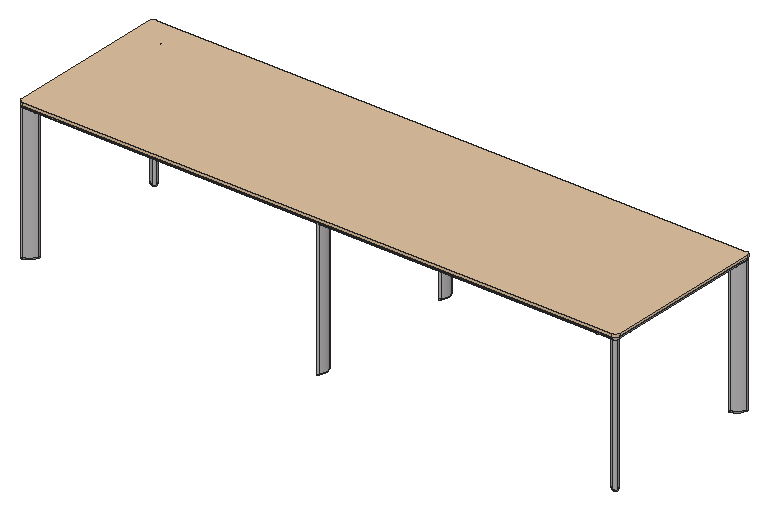
Revit family "FU_Table_Sandler_Laminar 0932", category Furniture, Revit 2020
Family settings
  OmniClass Number = 23.40.20.00
  OmniClass Title = General Furniture and Specialties
  Work Plane-Based = No
  Always vertical = Yes
  Cut with Voids When Loaded = No
  Shared = No
  Room Calculation Point = No
Parameters (values of type "Laminar 0932 (Dining Height)")
  Width = 3200 mm
  URL = "https://www.sandlerseating.com/product/laminar-0932/"
  Top [instance] = Wood - Oak - Natural - V
  Model = "Laminar 0932"
  Manufacturer = "Sandler"
  Height = 750 mm
  Frame [instance] = Epoxy - M2_G42
  Description = "320cm x 90cm / 126″ x 36″ table on epoxy painted frame."
  Depth = 900 mm
  Default Elevation = 0 mm
Types (4, lengths in mm): name | Top | Height | Frame
  (no name) | Wood - Oak - Natural - V | 750 | Epoxy - M2_G42
  Laminar 0932 (Dining Height) | Wood - Oak - Natural - V | 750 | Epoxy - M2_G42
  Laminar 0932 (Counter Height) | Lacquer - W2 - G42 | 900 | Epoxy - M2_V16
  Laminar 0932 (Bar Height) | HPL - Solid - White | 1050 | Epoxy - M1_B00 - Black
Reference planes
  plane 1 "Center (Front/Back)": y = 0
  plane 2: z = 0
  plane 3 "Center (Left/Right)": x = 0
  plane 4 "Right": x = -1600
  plane 5 "Left": x = 1600
  plane 6 "Back": y = 450
  plane 7 "Front": y = -450
  plane 8 "Height": z = 750
  plane 9 "Top Frame Base": z = 737
  plane 10 "Frame Edge Right TOP": x = -1505
  plane 11 "Frame Edge Left TOP": x = 1505
  plane 12 "Frame Edge Front TOP": y = -355
  plane 13 "Frame Edge Back TOP": y = 355
  plane 14 "Right Leg C TOP": x = -1562.984
  plane 15 "Back Leg C TOP": y = 412.984
  plane 16 "Front Leg C TOP": y = -412.984
  plane 17 "Left C TOP": x = 1562.984
  plane 18 "Glide Height": z = 6
  plane 19 "Frame Base FRONT": z = 696.108
  plane 20 "Cross Support Front TOP": y = -392.984
  plane 21 "Cross Support Back TOP": y = 392.984
Forms (mm)
  Extrusion 1, solid, material "Wood - Oak - Natural - V" <- "Top"
    sketch origin (0, 0, 750) x (-1, 0, 0) y (0, -1, 0)
      loop
        arc (1575, -450) -> (1592.678, -442.678) -> (1600, -425) r 25
        line (1600, -425) -> (1600, 425)
        arc (1600, 425) -> (1592.678, 442.678) -> (1575, 450) r 25
        line (1575, 450) -> (-1575, 450)
        arc (-1575, 450) -> (-1592.678, 442.678) -> (-1600, 425) r 25
        line (-1600, 425) -> (-1600, -425)
        arc (-1600, -425) -> (-1592.678, -442.678) -> (-1575, -450) r 25
        line (-1575, -450) -> (1575, -450)
    from 0 to -13
  Sweep 2, solid, material "Epoxy - M2_G42" <- "Frame"
    path origin (0, 0, 737) x (-1, 0, 0) y (0, -1, 0)
      loop
        line (-1505, 450) -> (1505, 450)
    profile "Pro_Laminar_Frame : Pro_Laminar_Frame" origin (0, -450, 737) x (0, -1, 0) y (0, 0, 1)
      loop
        arc (-78.25, 0) -> (-78.959, -0.294) -> (-79.252, -1.003) r 1.003
        line (-79.252, -1.003) -> (-79.252, -40.038)
        arc (-79.252, -40.038) -> (-78.971, -40.718) -> (-78.29, -41) r 0.962
        line (-78.29, -41) -> (-56.47, -41)
        arc (-56.47, -41) -> (-49.536, -40.019) -> (-43.146, -37.154) r 25
        line (-43.146, -37.154) -> (-3.835, -12.393)
        arc (-3.835, -12.393) -> (-2.123, -10.579) -> (-1.5, -8.162) r 5
        line (-1.5, -8.162) -> (-1.5, -0.534)
        arc (-1.5, -0.534) -> (-1.656, -0.156) -> (-2.034, 0) r 0.534
        line (-2.034, 0) -> (-78.25, 0)
  Sweep 3, solid, material "Epoxy - M2_G42" <- "Frame"
    path origin (0, 0, 737) x (-1, 0, 0) y (0, -1, 0)
      loop
        line (1600, 355) -> (1600, -355)
    profile "Pro_Laminar_Frame : Pro_Laminar_Frame" origin (-1600, 0, 737) x (-1, 0, 0) y (0, 0, 1)
      loop
        arc (-78.25, 0) -> (-78.959, -0.294) -> (-79.252, -1.003) r 1.003
        line (-79.252, -1.003) -> (-79.252, -40.038)
        arc (-79.252, -40.038) -> (-78.971, -40.718) -> (-78.29, -41) r 0.962
        line (-78.29, -41) -> (-56.47, -41)
        arc (-56.47, -41) -> (-49.536, -40.019) -> (-43.146, -37.154) r 25
        line (-43.146, -37.154) -> (-3.835, -12.393)
        arc (-3.835, -12.393) -> (-2.123, -10.579) -> (-1.5, -8.162) r 5
        line (-1.5, -8.162) -> (-1.5, -0.534)
        arc (-1.5, -0.534) -> (-1.656, -0.156) -> (-2.034, 0) r 0.534
        line (-2.034, 0) -> (-78.25, 0)
  Sweep 4, solid, material "Epoxy - M2_G42" <- "Frame"
    path origin (0, 0, 737) x (-1, 0, 0) y (0, -1, 0)
      loop
        line (1505, -450) -> (-1505, -450)
    profile "Pro_Laminar_Frame : Pro_Laminar_Frame" origin (0, 450, 737) x (0, 1, 0) y (0, 0, 1)
      loop
        arc (-78.25, 0) -> (-78.959, -0.294) -> (-79.252, -1.003) r 1.003
        line (-79.252, -1.003) -> (-79.252, -40.038)
        arc (-79.252, -40.038) -> (-78.971, -40.718) -> (-78.29, -41) r 0.962
        line (-78.29, -41) -> (-56.47, -41)
        arc (-56.47, -41) -> (-49.536, -40.019) -> (-43.146, -37.154) r 25
        line (-43.146, -37.154) -> (-3.835, -12.393)
        arc (-3.835, -12.393) -> (-2.123, -10.579) -> (-1.5, -8.162) r 5
        line (-1.5, -8.162) -> (-1.5, -0.534)
        arc (-1.5, -0.534) -> (-1.656, -0.156) -> (-2.034, 0) r 0.534
        line (-2.034, 0) -> (-78.25, 0)
  Sweep 5, solid, material "Epoxy - M2_G42" <- "Frame"
    path origin (0, 0, 737) x (-1, 0, 0) y (0, -1, 0)
      loop
        line (-1600, 355) -> (-1600, -355)
    profile "Pro_Laminar_Frame : Pro_Laminar_Frame" origin (1600, 0, 737) x (-1, 0, 0) y (0, 0, 1)
      loop
        line (78.25, 0) -> (2.034, 0)
        arc (2.034, 0) -> (1.656, -0.156) -> (1.5, -0.534) r 0.534
        line (1.5, -0.534) -> (1.5, -8.162)
        arc (1.5, -8.162) -> (2.123, -10.579) -> (3.835, -12.393) r 5
        line (3.835, -12.393) -> (43.146, -37.154)
        arc (43.146, -37.154) -> (49.536, -40.019) -> (56.47, -41) r 25
        line (56.47, -41) -> (78.29, -41)
        arc (78.29, -41) -> (78.971, -40.718) -> (79.252, -40.038) r 0.962
        line (79.252, -40.038) -> (79.252, -1.003)
        arc (79.252, -1.003) -> (78.959, -0.294) -> (78.25, 0) r 1.003
  Sweep 6, solid, material "Epoxy - M2_G42" <- "Frame"
    path origin (0, 412.984, 0) x (1, 0, 0) y (0, 0, 1)
      loop
        line (-1562.984, 6) -> (-1562.984, 737)
    profile "Pro_Laminar_Leg : Pro_Laminar_Leg" origin (-1562.984, 412.984, 371.5) x (-1, 0, 0) y (0, -1, 0)
      loop
        arc (-16.792, 30.86) -> (-28.302, 28.302) -> (-30.86, 16.792) r 10.982
        arc (-30.86, 16.792) -> (-12.33, -12.33) -> (16.792, -30.86) r 79.547
        arc (16.792, -30.86) -> (28.302, -28.302) -> (30.86, -16.792) r 10.982
        arc (30.86, -16.792) -> (12.33, 12.33) -> (-16.792, 30.86) r 79.547
  Sweep 7, solid, material "Epoxy - M2_G42" <- "Frame"
    path origin (0, -412.984, 0) x (1, 0, 0) y (0, 0, 1)
      loop
        line (-1562.984, 6) -> (-1562.984, 737)
    profile "Pro_Laminar_Leg : Pro_Laminar_Leg" origin (-1562.984, -412.984, 371.5) x (-1, 0, 0) y (0, -1, 0)
      loop
        arc (-30.86, -16.792) -> (-28.302, -28.302) -> (-16.792, -30.86) r 10.982
        arc (-16.792, -30.86) -> (12.33, -12.33) -> (30.86, 16.792) r 79.547
        arc (30.86, 16.792) -> (28.302, 28.302) -> (16.792, 30.86) r 10.982
        arc (16.792, 30.86) -> (-12.33, 12.33) -> (-30.86, -16.792) r 79.547
  Sweep 8, solid, material "Epoxy - M2_G42" <- "Frame"
    path origin (0, -412.984, 0) x (1, 0, 0) y (0, 0, 1)
      loop
        line (1562.984, 6) -> (1562.984, 737)
    profile "Pro_Laminar_Leg : Pro_Laminar_Leg" origin (1562.984, -412.984, 371.5) x (-1, 0, 0) y (0, -1, 0)
      loop
        arc (-16.792, 30.86) -> (-28.302, 28.302) -> (-30.86, 16.792) r 10.982
        arc (-30.86, 16.792) -> (-12.33, -12.33) -> (16.792, -30.86) r 79.547
        arc (16.792, -30.86) -> (28.302, -28.302) -> (30.86, -16.792) r 10.982
        arc (30.86, -16.792) -> (12.33, 12.33) -> (-16.792, 30.86) r 79.547
  Sweep 9, solid, material "Epoxy - M2_G42" <- "Frame"
    path origin (0, 412.984, 0) x (1, 0, 0) y (0, 0, 1)
      loop
        line (1562.984, 6) -> (1562.984, 737)
    profile "Pro_Laminar_Leg : Pro_Laminar_Leg" origin (1562.984, 412.984, 371.5) x (-1, 0, 0) y (0, -1, 0)
      loop
        arc (-30.86, -16.792) -> (-28.302, -28.302) -> (-16.792, -30.86) r 10.982
        arc (-16.792, -30.86) -> (12.33, -12.33) -> (30.86, 16.792) r 79.547
        arc (30.86, 16.792) -> (28.302, 28.302) -> (16.792, 30.86) r 10.982
        arc (16.792, 30.86) -> (-12.33, 12.33) -> (-30.86, -16.792) r 79.547
  Sweep 10, solid, material "Rubber, Black"
    path origin (0, 412.984, 0) x (1, 0, 0) y (0, 0, 1)
      loop
        line (1562.984, 0) -> (1562.984, 6)
    profile "Pro_Laminar_Leg : Pro_Laminar_Leg" origin (1562.984, 412.984, 3) x (-1, 0, 0) y (0, -1, 0)
      loop
        arc (-30.86, -16.792) -> (-28.302, -28.302) -> (-16.792, -30.86) r 10.982
        arc (-16.792, -30.86) -> (12.33, -12.33) -> (30.86, 16.792) r 79.547
        arc (30.86, 16.792) -> (28.302, 28.302) -> (16.792, 30.86) r 10.982
        arc (16.792, 30.86) -> (-12.33, 12.33) -> (-30.86, -16.792) r 79.547
  Sweep 11, solid, material "Rubber, Black"
    path origin (0, 412.984, 0) x (1, 0, 0) y (0, 0, 1)
      loop
        line (-1562.984, 0) -> (-1562.984, 6)
    profile "Pro_Laminar_Leg : Pro_Laminar_Leg" origin (-1562.984, 412.984, 3) x (-1, 0, 0) y (0, -1, 0)
      loop
        arc (-16.792, 30.86) -> (-28.302, 28.302) -> (-30.86, 16.792) r 10.982
        arc (-30.86, 16.792) -> (-12.33, -12.33) -> (16.792, -30.86) r 79.547
        arc (16.792, -30.86) -> (28.302, -28.302) -> (30.86, -16.792) r 10.982
        arc (30.86, -16.792) -> (12.33, 12.33) -> (-16.792, 30.86) r 79.547
  Sweep 12, solid, material "Rubber, Black"
    path origin (0, -412.984, 0) x (1, 0, 0) y (0, 0, 1)
      loop
        line (-1562.984, 0) -> (-1562.984, 6)
    profile "Pro_Laminar_Leg : Pro_Laminar_Leg" origin (-1562.984, -412.984, 3) x (-1, 0, 0) y (0, -1, 0)
      loop
        arc (-30.86, -16.792) -> (-28.302, -28.302) -> (-16.792, -30.86) r 10.982
        arc (-16.792, -30.86) -> (12.33, -12.33) -> (30.86, 16.792) r 79.547
        arc (30.86, 16.792) -> (28.302, 28.302) -> (16.792, 30.86) r 10.982
        arc (16.792, 30.86) -> (-12.33, 12.33) -> (-30.86, -16.792) r 79.547
  Sweep 13, solid, material "Rubber, Black"
    path origin (0, -412.984, 0) x (1, 0, 0) y (0, 0, 1)
      loop
        line (1562.984, 0) -> (1562.984, 6)
    profile "Pro_Laminar_Leg : Pro_Laminar_Leg" origin (1562.984, -412.984, 3) x (-1, 0, 0) y (0, -1, 0)
      loop
        arc (-16.792, 30.86) -> (-28.302, 28.302) -> (-30.86, 16.792) r 10.982
        arc (-30.86, 16.792) -> (-12.33, -12.33) -> (16.792, -30.86) r 79.547
        arc (16.792, -30.86) -> (28.302, -28.302) -> (30.86, -16.792) r 10.982
        arc (30.86, -16.792) -> (12.33, 12.33) -> (-16.792, 30.86) r 79.547
  Sweep 14, solid, material "Epoxy - M2_G42" <- "Frame"
    path origin (0, 0, 737) x (-1, 0, 0) y (0, -1, 0)
      loop
        line (-1505, 448.5) -> (-1598.5, 448.5) -> (-1598.5, 355)
    profile "Pro_Laminar_Frame : Pro_Laminar_Frame" origin (1551.75, -448.5, 737) x (0, 1, 0) y (0, 0, 1)
      loop
        line (76.75, 0) -> (0.534, 0)
        arc (0.534, 0) -> (0.156, -0.156) -> (0, -0.534) r 0.534
        line (0, -0.534) -> (0, -8.162)
        arc (0, -8.162) -> (0.623, -10.579) -> (2.335, -12.393) r 5
        line (2.335, -12.393) -> (41.646, -37.154)
        arc (41.646, -37.154) -> (48.036, -40.019) -> (54.97, -41) r 25
        line (54.97, -41) -> (76.79, -41)
        arc (76.79, -41) -> (77.471, -40.718) -> (77.752, -40.038) r 0.962
        line (77.752, -40.038) -> (77.752, -1.003)
        arc (77.752, -1.003) -> (77.459, -0.294) -> (76.75, 0) r 1.003
  Extrusion 15, void
    sketch origin (0, 0, 737) x (-1, 0, 0) y (0, -1, 0)
      loop
        line (-1574.12, 449.12) -> (-1574.12, 464.12) -> (-1614.12, 464.12) -> (-1614.12, 424.12) -> (-1599.12, 424.12)
        arc (-1599.12, 424.12) -> (-1591.798, 441.798) -> (-1574.12, 449.12) r 25
    from -40.892 to 13
  Sweep 16, solid, material "Epoxy - M2_G42" <- "Frame"
    path origin (0, 0, 737) x (1, 0, 0) y (0, -1, 0)
      loop
        line (-1505, 448.5) -> (-1598.5, 448.5) -> (-1598.5, 355)
    profile "Pro_Laminar_Frame : Pro_Laminar_Frame" origin (-1551.75, -448.5, 737) x (0, -1, 0) y (0, 0, 1)
      loop
        arc (-76.75, 0) -> (-77.459, -0.294) -> (-77.752, -1.003) r 1.003
        line (-77.752, -1.003) -> (-77.752, -40.038)
        arc (-77.752, -40.038) -> (-77.471, -40.718) -> (-76.79, -41) r 0.962
        line (-76.79, -41) -> (-54.97, -41)
        arc (-54.97, -41) -> (-48.036, -40.019) -> (-41.646, -37.154) r 25
        line (-41.646, -37.154) -> (-2.335, -12.393)
        arc (-2.335, -12.393) -> (-0.623, -10.579) -> (0, -8.162) r 5
        line (0, -8.162) -> (0, -0.534)
        arc (0, -0.534) -> (-0.156, -0.156) -> (-0.534, 0) r 0.534
        line (-0.534, 0) -> (-76.75, 0)
  Sweep 17, solid, material "Epoxy - M2_G42" <- "Frame"
    path origin (0, 0, 737) x (1, 0, 0) y (0, 1, 0)
      loop
        line (-1505, 448.5) -> (-1598.5, 448.5) -> (-1598.5, 355)
    profile "Pro_Laminar_Frame : Pro_Laminar_Frame" origin (-1551.75, 448.5, 737) x (0, -1, 0) y (0, 0, 1)
      loop
        line (76.75, 0) -> (0.534, 0)
        arc (0.534, 0) -> (0.156, -0.156) -> (0, -0.534) r 0.534
        line (0, -0.534) -> (0, -8.162)
        arc (0, -8.162) -> (0.623, -10.579) -> (2.335, -12.393) r 5
        line (2.335, -12.393) -> (41.646, -37.154)
        arc (41.646, -37.154) -> (48.036, -40.019) -> (54.97, -41) r 25
        line (54.97, -41) -> (76.79, -41)
        arc (76.79, -41) -> (77.471, -40.718) -> (77.752, -40.038) r 0.962
        line (77.752, -40.038) -> (77.752, -1.003)
        arc (77.752, -1.003) -> (77.459, -0.294) -> (76.75, 0) r 1.003
  Sweep 18, solid, material "Epoxy - M2_G42" <- "Frame"
    path origin (0, 0, 737) x (-1, 0, 0) y (0, 1, 0)
      loop
        line (-1505, 448.5) -> (-1598.5, 448.5) -> (-1598.5, 355)
    profile "Pro_Laminar_Frame : Pro_Laminar_Frame" origin (1551.75, 448.5, 737) x (0, 1, 0) y (0, 0, 1)
      loop
        arc (-76.75, 0) -> (-77.459, -0.294) -> (-77.752, -1.003) r 1.003
        line (-77.752, -1.003) -> (-77.752, -40.038)
        arc (-77.752, -40.038) -> (-77.471, -40.718) -> (-76.79, -41) r 0.962
        line (-76.79, -41) -> (-54.97, -41)
        arc (-54.97, -41) -> (-48.036, -40.019) -> (-41.646, -37.154) r 25
        line (-41.646, -37.154) -> (-2.335, -12.393)
        arc (-2.335, -12.393) -> (-0.623, -10.579) -> (0, -8.162) r 5
        line (0, -8.162) -> (0, -0.534)
        arc (0, -0.534) -> (-0.156, -0.156) -> (-0.534, 0) r 0.534
        line (-0.534, 0) -> (-76.75, 0)
  Extrusion 19, void
    sketch origin (0, 0, 737) x (1, 0, 0) y (0, 1, 0)
      loop
        arc (-1574.12, -449.12) -> (-1591.798, -441.798) -> (-1599.12, -424.12) r 25
        line (-1599.12, -424.12) -> (-1614.12, -424.12) -> (-1614.12, -464.12) -> (-1574.12, -464.12) -> (-1574.12, -449.12)
    from -40.892 to 13
  Extrusion 20, void
    sketch origin (0, 0, 737) x (1, 0, 0) y (0, 1, 0)
      loop
        line (-1574.12, 449.12) -> (-1574.12, 464.12) -> (-1614.12, 464.12) -> (-1614.12, 424.12) -> (-1599.12, 424.12)
        arc (-1599.12, 424.12) -> (-1591.798, 441.798) -> (-1574.12, 449.12) r 25
    from -40.892 to 13
  Extrusion 21, void
    sketch origin (0, 0, 737) x (-1, 0, 0) y (0, -1, 0)
      loop
        arc (-1574.12, -449.12) -> (-1591.798, -441.798) -> (-1599.12, -424.12) r 25
        line (-1599.12, -424.12) -> (-1614.12, -424.12) -> (-1614.12, -464.12) -> (-1574.12, -464.12) -> (-1574.12, -449.12)
    from -40.892 to 13
  Sweep 22, solid, material "Epoxy - M2_G42" <- "Frame"
    path origin (0, -412.984, 0) x (1, 0, 0) y (0, 0, 1)
      loop
        line (0, 6) -> (0, 737)
    profile "Pro_Laminar_Leg : Pro_Laminar_Leg" origin (0, -412.984, 371.5) x (-1, 0, 0) y (0, -1, 0)
      loop
        arc (-9.948, -38.695) -> (0, -45.025) -> (9.948, -38.695) r 10.982
        arc (9.948, -38.695) -> (17.437, -5) -> (9.948, 28.695) r 79.547
        arc (9.948, 28.695) -> (0, 35.025) -> (-9.948, 28.695) r 10.982
        arc (-9.948, 28.695) -> (-17.437, -5) -> (-9.948, -38.695) r 79.547
  Sweep 23, solid, material "Rubber, Black"
    path origin (0, -412.984, 0) x (1, 0, 0) y (0, 0, 1)
      loop
        line (0, 0) -> (0, 6)
    profile "Pro_Laminar_Leg : Pro_Laminar_Leg" origin (0, -412.984, 3) x (-1, 0, 0) y (0, -1, 0)
      loop
        arc (-9.948, -38.695) -> (0, -45.025) -> (9.948, -38.695) r 10.982
        arc (9.948, -38.695) -> (17.437, -5) -> (9.948, 28.695) r 79.547
        arc (9.948, 28.695) -> (0, 35.025) -> (-9.948, 28.695) r 10.982
        arc (-9.948, 28.695) -> (-17.437, -5) -> (-9.948, -38.695) r 79.547
  Sweep 24, solid, material "Rubber, Black"
    path origin (0, 412.984, 0) x (1, 0, 0) y (0, 0, 1)
      loop
        line (0, 0) -> (0, 6)
    profile "Pro_Laminar_Leg : Pro_Laminar_Leg" origin (0, 412.984, 3) x (-1, 0, 0) y (0, -1, 0)
      loop
        arc (-9.948, -28.695) -> (0, -35.025) -> (9.948, -28.695) r 10.982
        arc (9.948, -28.695) -> (17.437, 5) -> (9.948, 38.695) r 79.547
        arc (9.948, 38.695) -> (0, 45.025) -> (-9.948, 38.695) r 10.982
        arc (-9.948, 38.695) -> (-17.437, 5) -> (-9.948, -28.695) r 79.547
  Sweep 25, solid, material "Epoxy - M2_G42" <- "Frame"
    path origin (0, 412.984, 0) x (1, 0, 0) y (0, 0, 1)
      loop
        line (0, 6) -> (0, 737)
    profile "Pro_Laminar_Leg : Pro_Laminar_Leg" origin (0, 412.984, 371.5) x (-1, 0, 0) y (0, -1, 0)
      loop
        arc (-9.948, -28.695) -> (0, -35.025) -> (9.948, -28.695) r 10.982
        arc (9.948, -28.695) -> (17.437, 5) -> (9.948, 38.695) r 79.547
        arc (9.948, 38.695) -> (0, 45.025) -> (-9.948, 38.695) r 10.982
        arc (-9.948, 38.695) -> (-17.437, 5) -> (-9.948, -28.695) r 79.547
  Extrusion 26, solid, material "Epoxy - M2_G42" <- "Frame"
    sketch origin (0, 0, 0) x (1, 0, 0) y (0, 0, 1)
      loop
        line (-29.788, 736) -> (-29.788, 722.1) -> (-28.788, 722.1) -> (-28.788, 721.1) -> (-25.288, 721.1) -> (-25.288, 724.1) -> (-28.288, 724.1) -> (-28.288, 726.5) -> (-24.69, 726.5) -> (-17.288, 722.226) -> (-17.288, 709.773) -> (-24.69, 705.5) -> (-28.288, 705.5) -> (-28.288, 707.9) -> (-25.288, 707.9) -> (-25.288, 710.9) -> (-28.788, 710.9) -> (-28.788, 709.9) -> (-29.788, 709.9) -> (-29.788, 697.144)
        arc (-29.788, 697.144) -> (-29.485, 696.412) -> (-28.753, 696.108) r 1.035
        line (-28.753, 696.108) -> (28.753, 696.108)
        arc (28.753, 696.108) -> (29.485, 696.412) -> (29.788, 697.144) r 1.035
        line (29.788, 697.144) -> (29.788, 709.9) -> (28.788, 709.9) -> (28.788, 710.9) -> (25.288, 710.9) -> (25.288, 707.9) -> (28.288, 707.9) -> (28.288, 705.5) -> (24.69, 705.5) -> (17.288, 709.773) -> (17.288, 722.226) -> (24.69, 726.5) -> (28.288, 726.5) -> (28.288, 724.1) -> (25.288, 724.1) -> (25.288, 721.1) -> (28.788, 721.1) -> (28.788, 722.1) -> (29.788, 722.1) -> (29.788, 736)
        arc (29.788, 736) -> (29.495, 736.707) -> (28.788, 737) r 1
        line (28.788, 737) -> (-28.788, 737)
        arc (-28.788, 737) -> (-29.495, 736.707) -> (-29.788, 736) r 1
    from -392.984 to 392.984
Cuts and joins
  Extrusion 20 cuts Sweep 17
  Extrusion 21 cuts Sweep 18
  Extrusion 15 cuts Sweep 14
  Extrusion 19 cuts Sweep 16
Dimensions and locks
  equal spacing: plane 4 "Right", plane 3 "Center (Left/Right)", plane 5 "Left"
  "Width": plane 4 "Right" to plane 5 "Left"
  equal spacing: plane 6 "Back", plane 1 "Center (Front/Back)", plane 7 "Front"
  "Depth": plane 6 "Back" to plane 7 "Front"
  "Height": plane 8 "Height" to level
  locked: plane 8 "Height" to plane 9 "Top Frame Base" at 13
  plane 4 "Right" to plane 14 "Right Leg C TOP" to plane 10 "Frame Edge Right TOP" = 37.016 mm locked, 57.984 mm locked
  plane 12 "Frame Edge Front TOP" to plane 16 "Front Leg C TOP" to plane 7 "Front" = 57.984 mm locked, 37.016 mm locked
  plane 6 "Back" to plane 15 "Back Leg C TOP" to plane 13 "Frame Edge Back TOP" = 37.016 mm locked, 57.984 mm locked
  plane 11 "Frame Edge Left TOP" to plane 17 "Left C TOP" to plane 5 "Left" = 57.984 mm locked, 37.016 mm locked
  locked: plane 18 "Glide Height" to plane 2 at 6
  locked: plane 16 "Front Leg C TOP" to plane 20 "Cross Support Front TOP" at 20
  locked: plane 21 "Cross Support Back TOP" to plane 15 "Back Leg C TOP" at 20
  locked: plane 9 "Top Frame Base" to plane 19 "Frame Base FRONT" at 40.892
  aligned and locked: level to plane 2
  aligned and locked: plane 10 "Frame Edge Right TOP" to Sweep 2 sketch curve
  aligned and locked: plane 11 "Frame Edge Left TOP" to Sweep 2 sketch curve
  aligned and locked: plane 13 "Frame Edge Back TOP" to Sweep 3 sketch curve
  aligned and locked: plane 4 "Right" to Sweep 3 sketch curve
  aligned and locked: plane 10 "Frame Edge Right TOP" to Sweep 4 sketch curve
  aligned and locked: plane 11 "Frame Edge Left TOP" to Sweep 4 sketch curve
  aligned and locked: Sweep 5 sketch curve to plane 13 "Frame Edge Back TOP"
  aligned and locked: plane 12 "Frame Edge Front TOP" to Sweep 5 sketch curve
  aligned and locked: Extrusion 1 sketch curve to plane 4 "Right"
  aligned and locked: Extrusion 1 sketch curve to plane 6 "Back"
  aligned and locked: Extrusion 1 sketch curve to plane 7 "Front"
  aligned and locked: plane 5 "Left" to Extrusion 1 sketch curve
  aligned and locked: plane 9 "Top Frame Base" to Sweep 6 sketch curve
  aligned and locked: Sweep 6 sketch curve to plane 18 "Glide Height"
  aligned and locked: plane 9 "Top Frame Base" to Sweep 7 sketch curve
  aligned and locked: Sweep 7 sketch curve to plane 18 "Glide Height"
  aligned and locked: Sweep 8 sketch curve to plane 9 "Top Frame Base"
  aligned and locked: plane 18 "Glide Height" to Sweep 8 sketch curve
  aligned and locked: Sweep 9 sketch curve to plane 9 "Top Frame Base"
  aligned and locked: plane 18 "Glide Height" to Sweep 9 sketch curve
  aligned and locked: plane 18 "Glide Height" to Sweep 10 sketch curve
  aligned and locked: Sweep 10 sketch curve to plane 2
  aligned and locked: Sweep 11 sketch curve to plane 18 "Glide Height"
  aligned and locked: plane 2 to Sweep 11 sketch curve
  aligned and locked: plane 2 to Sweep 12 sketch curve
  aligned and locked: Sweep 12 sketch curve to plane 18 "Glide Height"
  aligned and locked: Sweep 13 sketch curve to plane 2
  aligned and locked: plane 18 "Glide Height" to Sweep 13 sketch curve
  aligned and locked: Extrusion 15 to plane 19 "Frame Base FRONT"
  aligned and locked: plane 8 "Height" to Extrusion 15
  aligned and locked: Sweep 18 to plane 11 "Frame Edge Left TOP"
  aligned and locked: plane 13 "Frame Edge Back TOP" to Sweep 18
  aligned and locked: Sweep 14 to plane 12 "Frame Edge Front TOP"
  aligned and locked: Sweep 14 to plane 11 "Frame Edge Left TOP"
  aligned and locked: Sweep 16 to plane 10 "Frame Edge Right TOP"
  aligned and locked: plane 12 "Frame Edge Front TOP" to Sweep 16
  aligned and locked: Sweep 17 to plane 13 "Frame Edge Back TOP"
  aligned and locked: Sweep 17 to plane 10 "Frame Edge Right TOP"
  aligned and locked: plane 9 "Top Frame Base" to Sweep 22 sketch curve
  aligned and locked: plane 18 "Glide Height" to Sweep 22 sketch curve
  aligned and locked: plane 18 "Glide Height" to Sweep 23 sketch curve
  aligned and locked: plane 2 to Sweep 23 sketch curve
  aligned and locked: plane 2 to Sweep 24 sketch curve
  aligned and locked: plane 18 "Glide Height" to Sweep 24 sketch curve
  aligned and locked: plane 9 "Top Frame Base" to Sweep 25 sketch curve
  aligned and locked: plane 18 "Glide Height" to Sweep 25 sketch curve
  aligned and locked: Extrusion 26 to plane 20 "Cross Support Front TOP"
  aligned and locked: Extrusion 26 to plane 21 "Cross Support Back TOP"
  aligned and locked: plane 9 "Top Frame Base" to Extrusion 26
  aligned and locked: Extrusion 26 to plane 19 "Frame Base FRONT"
Automatic sketch dimensions
  Extrusion 1 sketch curve to plane 15 "Back Leg C TOP" = 12.016 mm
  Extrusion 1 sketch curve to plane 17 "Left C TOP" = 12.016 mm
  plane 14 "Right Leg C TOP" to Extrusion 1 sketch curve = 12.016 mm  (x2)
  Sweep 2 sketch curve to plane 7 "Front" = 0 mm
  plane 12 "Frame Edge Front TOP" to Sweep 3 sketch curve = 0 mm
  Sweep 4 sketch curve to plane 6 "Back" = 0 mm
  Sweep 5 sketch curve to plane 5 "Left" = 0 mm
  plane 14 "Right Leg C TOP" to Sweep 6 sketch curve = 0 mm
  plane 14 "Right Leg C TOP" to Sweep 7 sketch curve = 0 mm
  plane 17 "Left C TOP" to Sweep 8 sketch curve = 0 mm
  plane 17 "Left C TOP" to Sweep 9 sketch curve = 0 mm
  plane 17 "Left C TOP" to Sweep 10 sketch curve = 0 mm
  plane 14 "Right Leg C TOP" to Sweep 11 sketch curve = 0 mm
  plane 14 "Right Leg C TOP" to Sweep 12 sketch curve = 0 mm
  plane 17 "Left C TOP" to Sweep 13 sketch curve = 0 mm
  plane 12 "Frame Edge Front TOP" to Sweep 14 sketch curve = 0 mm
  Sweep 14 sketch curve to plane 11 "Frame Edge Left TOP" = 0 mm
  plane 5 "Left" to Sweep 14 sketch curve = 1.5 mm
  plane 7 "Front" to Sweep 14 sketch curve = 1.5 mm
  Extrusion 15 sketch curve to plane 5 "Left" = 14.12 mm
  plane 5 "Left" to Extrusion 15 sketch curve = 0.88 mm
  plane 7 "Front" to Extrusion 15 sketch curve = 0.88 mm
  Extrusion 15 sketch curve to plane 17 "Left C TOP" = 11.136 mm
  Extrusion 15 sketch curve to plane 7 "Front" = 14.12 mm
  plane 12 "Frame Edge Front TOP" to Sweep 16 sketch curve = 0 mm
  Sweep 16 sketch curve to plane 10 "Frame Edge Right TOP" = 0 mm
  plane 4 "Right" to Sweep 16 sketch curve = 1.5 mm
  Sweep 16 sketch curve to plane 7 "Front" = 1.5 mm
  Sweep 17 sketch curve to plane 13 "Frame Edge Back TOP" = 0 mm
  Sweep 17 sketch curve to plane 10 "Frame Edge Right TOP" = 0 mm
  Sweep 17 sketch curve to plane 4 "Right" = 1.5 mm
  Sweep 17 sketch curve to plane 6 "Back" = 1.5 mm
  Sweep 18 sketch curve to plane 13 "Frame Edge Back TOP" = 0 mm
  Sweep 18 sketch curve to plane 11 "Frame Edge Left TOP" = 0 mm
  Sweep 18 sketch curve to plane 5 "Left" = 1.5 mm
  plane 6 "Back" to Sweep 18 sketch curve = 1.5 mm
  Extrusion 19 sketch curve to plane 4 "Right" = 14.12 mm
  plane 4 "Right" to Extrusion 19 sketch curve = 0.88 mm
  Extrusion 19 sketch curve to plane 7 "Front" = 0.88 mm
  Extrusion 19 sketch curve to plane 14 "Right Leg C TOP" = 11.136 mm
  plane 7 "Front" to Extrusion 19 sketch curve = 14.12 mm
  plane 4 "Right" to Extrusion 20 sketch curve = 14.12 mm
  Extrusion 20 sketch curve to plane 4 "Right" = 0.88 mm
  Extrusion 20 sketch curve to plane 6 "Back" = 0.88 mm
  plane 14 "Right Leg C TOP" to Extrusion 20 sketch curve = 11.136 mm
  plane 6 "Back" to Extrusion 20 sketch curve = 14.12 mm
  plane 5 "Left" to Extrusion 21 sketch curve = 14.12 mm
  Extrusion 21 sketch curve to plane 5 "Left" = 0.88 mm
  plane 6 "Back" to Extrusion 21 sketch curve = 0.88 mm
  plane 17 "Left C TOP" to Extrusion 21 sketch curve = 11.136 mm
  Extrusion 21 sketch curve to plane 6 "Back" = 14.12 mm
  Sweep 22 sketch curve to plane 3 "Center (Left/Right)" = 0 mm
  Sweep 23 sketch curve to plane 3 "Center (Left/Right)" = 0 mm
  Sweep 24 sketch curve to plane 3 "Center (Left/Right)" = 0 mm
  Sweep 25 sketch curve to plane 3 "Center (Left/Right)" = 0 mm
  Extrusion 26 sketch curve to plane 9 "Top Frame Base" = 1 mm
  Extrusion 26 sketch curve to plane 3 "Center (Left/Right)" = 29.788 mm
  plane 19 "Frame Base FRONT" to Extrusion 26 sketch curve = 1.035 mm  (x2)
  Extrusion 26 sketch curve to Extrusion 26 sketch curve = 0 mm
  Extrusion 26 sketch curve to Extrusion 26 sketch curve = 1 mm  (x7)
  Extrusion 26 sketch curve to Extrusion 26 sketch curve = 0.5 mm  (x5)
  Extrusion 26 sketch curve to Extrusion 26 sketch curve = 3.5 mm
  Extrusion 26 sketch curve to Extrusion 26 sketch curve = 3 mm  (x4)
  plane 19 "Frame Base FRONT" to Extrusion 26 sketch curve = 9.392 mm  (x2)
  Extrusion 26 sketch curve to Extrusion 26 sketch curve = 0.598 mm  (x4)
  Extrusion 26 sketch curve to Extrusion 26 sketch curve = 8 mm
  plane 3 "Center (Left/Right)" to Extrusion 26 sketch curve = 17.288 mm
  Extrusion 26 sketch curve to Extrusion 26 sketch curve = 7.402 mm  (x2)
  Extrusion 26 sketch curve to Extrusion 26 sketch curve = 3.598 mm
  Extrusion 26 sketch curve to Extrusion 26 sketch curve = 0.465 mm
  Extrusion 26 sketch curve to Extrusion 26 sketch curve = 1.035 mm
  Extrusion 26 sketch curve to Extrusion 26 sketch curve = 2.4 mm  (x4)
  Extrusion 26 sketch curve to Extrusion 26 sketch curve = 1.873 mm  (x2)
  Extrusion 26 sketch curve to Extrusion 26 sketch curve = 2 mm  (x3)
  Extrusion 26 sketch curve to Extrusion 26 sketch curve = 10.2 mm  (x2)
  Extrusion 26 sketch curve to Extrusion 26 sketch curve = 1.127 mm  (x2)
